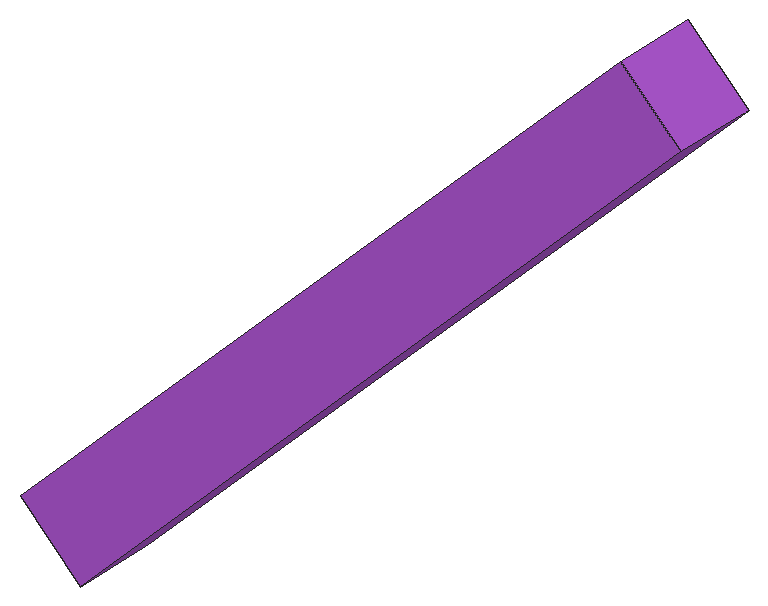
Revit family "ケーブルトレイサポート_等辺山形鋼1", category Generic Models, Revit 2020
Family settings
  Can host rebar = No
  Round Connector Dimension = Use Diameter
  Part Type = Normal
  Work Plane-Based = Yes
  Always vertical = No
  Cut with Voids When Loaded = No
  Shared = No
  Room Calculation Point = No
Parameters (values of type "L 100 x 100")
  高さ = 100 mm
  長辺 [instance] = 長さ  # 1000 mm
  長さ [instance] = 1000 mm
  部屋名 = ""
  角度 [instance] = 45.00°
  Default Elevation = 1219.2 mm
  構造マテリアル = E304_ケーブルトレイサポート
  幅 = 100 mm
Types (18, lengths in mm): name | 高さ | 幅
  L 120 x 120 | 120 | 120
  L 130 x 130 | 130 | 130
  L 150 x 150 | 150 | 150
  L 175 x 175 | 175 | 175
  L 200 x 200 | 200 | 200
  L 25 x 25 | 25 | 25
  L 250 x 250 | 250 | 250
  L 30 x 30 | 30 | 30
  L 45 x 45 | 45 | 45
  L 50 x 50 | 50 | 50
  L 60 x 60 | 60 | 60
  L 65 x 65 | 65 | 65
  L 70 x 70 | 70 | 70
  L 75 x 75 | 75 | 75
  L 80 x 80 | 80 | 80
  L 90 x 90 | 90 | 90
  L 100 x 100 | 100 | 100
  L 40 x 40 | 40 | 40
Reference planes
  plane 1 "中心(正面/背面)": y = 0
  plane 2: z = 0
  plane 3 "中心(左/右)": x = 0
Lines and regions (mm)
  reference lines
    curve 1: line (0, 0, 0) -> (848.528, 0, 848.528)
    curve 2: line (35.355, 0, -35.355) -> (-35.355, 0, 35.355)
    curve 3: line (742.462, 0, 671.751) -> (671.751, 0, 742.462)
Dimensions and locks
  equal spacing: curve 2, curve 1, curve 2
  "高さ": curve 2 to curve 2
  equal spacing: curve 3, curve 1, curve 3
  "高さ": curve 3 to curve 3
  "長さ": curve 2 to curve 3
  "角度": angle level to curve 1
  angle curve 2 to curve 1 = 90.00°
  angle curve 3 to curve 1 = 90.00°
  aligned and locked: level to plane 2
  aligned and locked: level to curve 1
  aligned and locked: plane 3 "中心(左/右)" to curve 1
  aligned and locked: nested 1 to curve 1
Nested families
  nested 1: "グレーチング_等辺山形鋼" at (-35.355, 0, 35.355) x (0, 1, 0) z (0.7071, 0, -0.7071), 長さ <- "長さ", type "L 25 x 25"
    with 長辺 1000 mm, 長さ 1000 mm, 高さ 100 mm, 幅 100 mm
Definition of nested family "グレーチング_等辺山形鋼"
  Parameters (values of type "L 25 x 25")
    高さ = 25 mm
    長辺 [instance] = 長さ  # 1000 mm
    長さ [instance] = 1000 mm
    部屋名 = ""
    Default Elevation = 1219.2 mm
    構造マテリアル = none
    幅 = 25 mm
  Reference planes
    plane 1 "中心(正面/背面)": y = 0
    plane 2: z = 0
    plane 3 "中心(左/右)": x = 0
    plane 4: z = 12.5
    plane 5: z = 25
  Forms (mm)
    Extrusion 1, solid, material <- "構造マテリアル"
      sketch origin (0, 0, 0) x (1, 0, 0) y (0, 1, 0)
        loop
          line (-12.5, 1000) -> (-12.5, 0) -> (12.5, 0) -> (12.5, 1000) -> (-12.5, 1000)
      from 0 to 25
  Lines and regions (mm)
    reference lines
      curve 1: line (12.5, 1000, 0) -> (-12.5, 1000, 0)
      curve 2: line (12.5, 0, 0) -> (-12.5, 0, 0)
  Dimensions and locks
    "長さ": curve 1 to curve 2
    "幅": Extrusion 1 to Extrusion 1
    equal spacing: Extrusion 1, plane 3 "中心(左/右)", Extrusion 1
    "幅": curve 1 to curve 1
    equal spacing: curve 1, plane 3 "中心(左/右)", curve 1
    "幅": curve 2 to curve 2
    equal spacing: curve 2, plane 3 "中心(左/右)", curve 2
    equal spacing: plane 5, plane 4, level
    "高さ": plane 5 to level
    aligned and locked: level to plane 2
    aligned and locked: Extrusion 1 to curve 2
    aligned and locked: curve 1 to Extrusion 1
    aligned and locked: plane 5 to Extrusion 1
  Automatic sketch dimensions
    Extrusion 1 sketch curve to plane 3 "中心(左/右)" = 12.5 mm
    plane 3 "中心(左/右)" to Extrusion 1 sketch curve = 12.5 mm
    plane 1 "中心(正面/背面)" to Extrusion 1 sketch curve = 0 mm
    Extrusion 1 sketch curve to plane 1 "中心(正面/背面)" = 1000 mm
    plane 1 "中心(正面/背面)" to curve 2 = 0 mm
